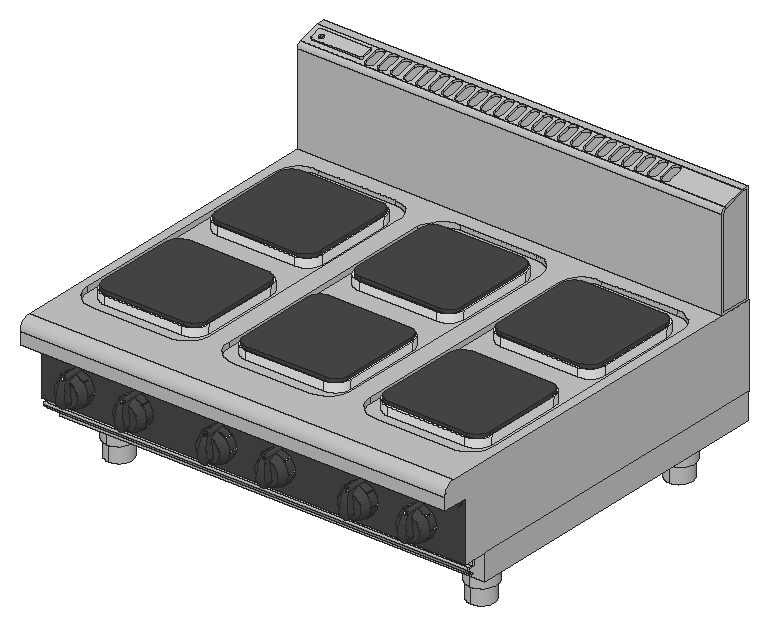
Revit family "QF_Moffat_RNB8600SE-B_Electric_Cooktops_Sealed_Hobs_cat", category Specialty Equipment, Revit 2019
Family settings
  Round Connector Dimension = Use Diameter
  Part Type = Normal
  Work Plane-Based = No
  Always vertical = Yes
  Cut with Voids When Loaded = No
  Shared = No
  Room Calculation Point = No
Parameters (values of type "QF_Moffat_RNB8600SE-B")
  Weight in Kilograms = 90
  Watts = 396 W
  Volts = 220 V
  URL Cutsheet = ""
  Specification by User = ""
  Specification by Manufacturer = ""
  Show Low Back [instance] = no
  Show Logo [instance] = yes
  Show High Back [instance] = not(Show Low Back)  # yes
  Serial Number = ""
  Seismic Rating = ""
  SMACNA No = ""
  Revision Code = ""
  Phase = 1
  Number of Poles = 1
  NAFEM Spec ID Number = ""
  Model = "RNB8600SE-B"
  Min Ckt Ampacity = 0 A
  Max Overcurrent Protection = 0 A
  Masterspec = ""
  Manufacturer = "Moffat"
  Length = 900 mm
  Item Number = ""
  Installed By = ""
  Identify Quantity as Lot = yes
  Height = 530 mm
  HP = ""
  Furnished By = ""
  Foodservice Equipment Identifier = yes
  FL Amps = 1.8 A
  Electrical Remarks = ""
  Electric Connection Type = ""
  Elec Conn RI Height = 0 mm
  Elec Conn Connection Height = 0 mm
  Description = "Electric Cooktops Sealed Hobs"
  Depth = 805 mm
  Cycle = 50 Hz
  Conn Plug = ""
  Conn Conduit = yes
  CSI MasterFormat = ""
  Apparent Power = if(Phase = 3, Volts * FL Amps * 1.73, Volts * FL Amps)  # 396 VA
Reference planes
  plane 1 "BACK": y = 0
  plane 2: z = 0
  plane 3 "LEFT": x = 0
  plane 4 "RIGHT": x = 900
  plane 5 "FRONT": y = -805
  plane 6 "TOP": z = 530
  plane 7 "Center Y": x = 450
  plane 8 "Center X": y = -402.5
Dimensions and locks
  equal spacing: plane 3 "LEFT", plane 7 "Center Y", plane 4 "RIGHT"
  "Length": plane 3 "LEFT" to plane 4 "RIGHT"
  equal spacing: plane 5 "FRONT", plane 8 "Center X", plane 1 "BACK"
  "Depth": plane 5 "FRONT" to plane 1 "BACK"
  "Height": plane 6 "TOP" to level
  aligned and locked: level to plane 2
Nested families
  nested 1: "High and Low Option" at (0, 0, -600), High Back <- "Show High Back", Low Back <- "Show Low Back", Show Logo <- "Show Logo", type "RNLB8610SE"
    with Show Logo 2 yes, Show Logo 1 no, Show Logo yes, Low Back no, High Back yes
  nested 2: "RN8600SE-B" at (0, 0, 0), type "E516S-B"
Connectors
  electrical at (770, -30, 83.4), driven by "Volts", driven by "Watts"
    settings: on nested 2, index 1, voltage 220 V, apparent load 396 VA, apparent load phase1 0 VA, apparent load phase2 0 VA, apparent load phase3 0 VA, power factor 1, load classification "Other", number of poles 1, system type 30, power factor state 1, is connector primary yes, connector utility no, sub classification motor no, connector description "ELECTRICAL CONNECTION"
Definition of nested family "High and Low Option"
  Parameters (values of type "RNLB8610SE")
    Weight in Kilograms = 0
    Watts = Volts * FL Amps  # 12400 W
    Volts = 400 V
    URL Cutsheet = ""
    Specification by User = ""
    Specification by Manufacturer = ""
    Show Logo 2 [instance] = and(Show Logo, High Back)  # yes
    Show Logo 1 [instance] = and(Show Logo, Low Back)  # yes
    Show Logo [instance] = yes
    Serial Number = ""
    Seismic Rating = ""
    SMACNA No = ""
    Revision Code = ""
    Phase = 3
    Number of Poles = 1
    NAFEM Spec ID Number = ""
    Model = ""
    Min Ckt Ampacity = 0 A
    Max Overcurrent Protection = 0 A
    Masterspec = ""
    Manufacturer = ""
    Low Back [instance] = yes
    Length = 900 mm
    Item Number = ""
    Installed By = ""
    Identify Quantity as Lot = yes
    High Back [instance] = yes
    Height = 970 mm
    HP = ""
    Furnished By = ""
    Foodservice Equipment Identifier = yes
    FL Amps = 31 A
    Electrical Remarks = ""
    Electric Connection Type = ""
    Elec Conn RI Height = 0 mm
    Elec Conn Connection Height = 0 mm
    Description = ""
    Depth = 805 mm
    Cycle = 50 Hz
    Conn Plug = ""
    Conn Conduit = yes
    CSI MasterFormat = ""
    Apparent Power = if(Phase = 3, Volts * FL Amps * 1.73, Volts * FL Amps)  # 21452 VA
  Reference planes
    plane 1 "BACK": y = 0
    plane 2: z = 0
    plane 3 "LEFT": x = 0
    plane 4 "RIGHT": x = 900
    plane 5 "FRONT": y = -805
    plane 6 "TOP": z = 970
    plane 7 "Center Y": x = 450
    plane 8 "Center X": y = -402.5
    plane 9: x = 65.5
    plane 10: x = 834.5
    plane 11: z = 150
    plane 12: z = 675
    plane 13: z = 1130
    plane 14: z = 934.75
  Forms (mm)
    Extrusion 1, solid, visible <- "Low Back"
      sketch origin (0, 0, 600) x (0, 1, 0) y (0, 0, 1)
        loop
          line (-70, 315) -> (0, 315) -> (0, 370) -> (-55, 370) -> (-70, 355) -> (-70, 315)
      from 0 to 900
    Extrusion 2, solid, visible <- "High Back"
      sketch origin (0, 0, 0) x (0, 1, 0) y (0, 0, 1)
        loop
          arc (-66.8, 1105.938) -> (-64.972, 1111.307) -> (-60.248, 1114.446) r 8.8
          line (-60.248, 1114.446) -> (-61.106, 1117.646)
          arc (-61.106, 1117.646) -> (-67.52, 1113.36) -> (-70, 1106.055) r 12
          line (-70, 1106.055) -> (-70, 915) -> (0, 915) -> (0, 1130) -> (-15, 1130) -> (-14.143, 1126.8) -> (-3.2, 1126.8) -> (-3.2, 918.2) -> (-66.8, 918.2) -> (-66.8, 1106.055)
      from 0 to 900
    Extrusion 3, solid, visible <- "High Back"
      sketch origin (0, 0, 0) x (0, 1, 0) y (0, 0, 1)
        loop
          line (-3.2, 1126.8) -> (-14.143, 1126.8) -> (-60.278, 1114.438)
          arc (-60.278, 1114.438) -> (-64.982, 1111.295) -> (-66.8, 1105.938) r 8.8
          line (-66.8, 1105.938) -> (-66.8, 918.2) -> (-3.2, 918.2) -> (-3.2, 1126.8)
      from 0 to 3.2
    Extrusion 4, solid, visible <- "High Back"
      sketch origin (900, 0, 0) x (0, 1, 0) y (0, 0, -1)
        loop
          line (-3.2, -1126.8) -> (-3.2, -918.2) -> (-66.8, -918.2) -> (-66.8, -1105.938)
          arc (-66.8, -1105.938) -> (-64.982, -1111.295) -> (-60.278, -1114.438) r 8.8
          line (-60.278, -1114.438) -> (-14.143, -1126.8) -> (-3.2, -1126.8)
      from 0 to 3.2
    Extrusion 5, solid, visible <- "High Back"
      sketch origin (0, -15, 1130) x (0, -0.965926, -0.258819) y (1, 0, 0)
        loop
          line (47.732, 900) -> (0, 900) -> (0, 0) -> (47.732, 0) -> (47.732, 900)
        loop
          arc (11.379, 149.307) -> (1.379, 139.307) -> (11.379, 129.307) r 10
          line (11.379, 129.307) -> (36.495, 129.307)
          arc (36.495, 129.307) -> (46.495, 139.307) -> (36.495, 149.307) r 10
          line (36.495, 149.307) -> (11.379, 149.307)
        loop
          arc (11.379, 176.588) -> (1.379, 166.588) -> (11.379, 156.588) r 10
          line (11.379, 156.588) -> (36.495, 156.588)
          arc (36.495, 156.588) -> (46.495, 166.588) -> (36.495, 176.588) r 10
          line (36.495, 176.588) -> (11.379, 176.588)
        loop
          arc (11.379, 203.868) -> (1.379, 193.868) -> (11.379, 183.868) r 10
          line (11.379, 183.868) -> (36.495, 183.868)
          arc (36.495, 183.868) -> (46.495, 193.868) -> (36.495, 203.868) r 10
          line (36.495, 203.868) -> (11.379, 203.868)
        loop
          arc (11.379, 231.148) -> (1.379, 221.148) -> (11.379, 211.148) r 10
          line (11.379, 211.148) -> (36.495, 211.148)
          arc (36.495, 211.148) -> (46.495, 221.148) -> (36.495, 231.148) r 10
          line (36.495, 231.148) -> (11.379, 231.148)
        loop
          arc (11.379, 258.428) -> (1.379, 248.428) -> (11.379, 238.428) r 10
          line (11.379, 238.428) -> (36.495, 238.428)
          arc (36.495, 238.428) -> (46.495, 248.428) -> (36.495, 258.428) r 10
          line (36.495, 258.428) -> (11.379, 258.428)
        loop
          arc (11.379, 285.709) -> (1.379, 275.709) -> (11.379, 265.709) r 10
          line (11.379, 265.709) -> (36.495, 265.709)
          arc (36.495, 265.709) -> (46.495, 275.709) -> (36.495, 285.709) r 10
          line (36.495, 285.709) -> (11.379, 285.709)
        loop
          arc (11.379, 312.989) -> (1.379, 302.989) -> (11.379, 292.989) r 10
          line (11.379, 292.989) -> (36.495, 292.989)
          arc (36.495, 292.989) -> (46.495, 302.989) -> (36.495, 312.989) r 10
          line (36.495, 312.989) -> (11.379, 312.989)
        loop
          arc (11.379, 340.269) -> (1.379, 330.269) -> (11.379, 320.269) r 10
          line (11.379, 320.269) -> (36.495, 320.269)
          arc (36.495, 320.269) -> (46.495, 330.269) -> (36.495, 340.269) r 10
          line (36.495, 340.269) -> (11.379, 340.269)
        loop
          arc (11.379, 367.549) -> (1.379, 357.549) -> (11.379, 347.549) r 10
          line (11.379, 347.549) -> (36.495, 347.549)
          arc (36.495, 347.549) -> (46.495, 357.549) -> (36.495, 367.549) r 10
          line (36.495, 367.549) -> (11.379, 367.549)
        loop
          arc (11.379, 394.829) -> (1.379, 384.829) -> (11.379, 374.829) r 10
          line (11.379, 374.829) -> (36.495, 374.829)
          arc (36.495, 374.829) -> (46.495, 384.829) -> (36.495, 394.829) r 10
          line (36.495, 394.829) -> (11.379, 394.829)
        loop
          arc (11.379, 422.11) -> (1.379, 412.11) -> (11.379, 402.11) r 10
          line (11.379, 402.11) -> (36.495, 402.11)
          arc (36.495, 402.11) -> (46.495, 412.11) -> (36.495, 422.11) r 10
          line (36.495, 422.11) -> (11.379, 422.11)
        loop
          arc (11.379, 449.39) -> (1.379, 439.39) -> (11.379, 429.39) r 10
          line (11.379, 429.39) -> (36.495, 429.39)
          arc (36.495, 429.39) -> (46.495, 439.39) -> (36.495, 449.39) r 10
          line (36.495, 449.39) -> (11.379, 449.39)
        loop
          arc (11.379, 476.67) -> (1.379, 466.67) -> (11.379, 456.67) r 10
          line (11.379, 456.67) -> (36.495, 456.67)
          arc (36.495, 456.67) -> (46.495, 466.67) -> (36.495, 476.67) r 10
          line (36.495, 476.67) -> (11.379, 476.67)
        loop
          arc (11.379, 503.95) -> (1.379, 493.95) -> (11.379, 483.95) r 10
          line (11.379, 483.95) -> (36.495, 483.95)
          arc (36.495, 483.95) -> (46.495, 493.95) -> (36.495, 503.95) r 10
          line (36.495, 503.95) -> (11.379, 503.95)
        loop
          arc (11.379, 531.23) -> (1.379, 521.23) -> (11.379, 511.23) r 10
          line (11.379, 511.23) -> (36.495, 511.23)
          arc (36.495, 511.23) -> (46.495, 521.23) -> (36.495, 531.23) r 10
          line (36.495, 531.23) -> (11.379, 531.23)
        loop
          arc (11.379, 558.511) -> (1.379, 548.511) -> (11.379, 538.511) r 10
          line (11.379, 538.511) -> (36.495, 538.511)
          arc (36.495, 538.511) -> (46.495, 548.511) -> (36.495, 558.511) r 10
          line (36.495, 558.511) -> (11.379, 558.511)
        loop
          arc (11.379, 585.791) -> (1.379, 575.791) -> (11.379, 565.791) r 10
          line (11.379, 565.791) -> (36.495, 565.791)
          arc (36.495, 565.791) -> (46.495, 575.791) -> (36.495, 585.791) r 10
          line (36.495, 585.791) -> (11.379, 585.791)
        loop
          arc (11.379, 613.071) -> (1.379, 603.071) -> (11.379, 593.071) r 10
          line (11.379, 593.071) -> (36.495, 593.071)
          arc (36.495, 593.071) -> (46.495, 603.071) -> (36.495, 613.071) r 10
          line (36.495, 613.071) -> (11.379, 613.071)
        loop
          arc (11.379, 640.351) -> (1.379, 630.351) -> (11.379, 620.351) r 10
          line (11.379, 620.351) -> (36.495, 620.351)
          arc (36.495, 620.351) -> (46.495, 630.351) -> (36.495, 640.351) r 10
          line (36.495, 640.351) -> (11.379, 640.351)
        loop
          arc (11.379, 667.632) -> (1.379, 657.632) -> (11.379, 647.632) r 10
          line (11.379, 647.632) -> (36.495, 647.632)
          arc (36.495, 647.632) -> (46.495, 657.632) -> (36.495, 667.632) r 10
          line (36.495, 667.632) -> (11.379, 667.632)
        loop
          arc (11.379, 694.912) -> (1.379, 684.912) -> (11.379, 674.912) r 10
          line (11.379, 674.912) -> (36.495, 674.912)
          arc (36.495, 674.912) -> (46.495, 684.912) -> (36.495, 694.912) r 10
          line (36.495, 694.912) -> (11.379, 694.912)
        loop
          arc (11.379, 722.192) -> (1.379, 712.192) -> (11.379, 702.192) r 10
          line (11.379, 702.192) -> (36.495, 702.192)
          arc (36.495, 702.192) -> (46.495, 712.192) -> (36.495, 722.192) r 10
          line (36.495, 722.192) -> (11.379, 722.192)
        loop
          arc (11.379, 749.472) -> (1.379, 739.472) -> (11.379, 729.472) r 10
          line (11.379, 729.472) -> (36.495, 729.472)
          arc (36.495, 729.472) -> (46.495, 739.472) -> (36.495, 749.472) r 10
          line (36.495, 749.472) -> (11.379, 749.472)
        loop
          arc (11.379, 776.752) -> (1.379, 766.752) -> (11.379, 756.752) r 10
          line (11.379, 756.752) -> (36.495, 756.752)
          arc (36.495, 756.752) -> (46.495, 766.752) -> (36.495, 776.752) r 10
          line (36.495, 776.752) -> (11.379, 776.752)
      from 0 to -3.313
    Extrusion 6, solid, visible <- "Low Back", not visible
      sketch origin (0, 0, 600) x (0, 1, 0) y (0, 0, 1)
        loop
          line (-70, 315) -> (0, 315) -> (0, 370) -> (-55, 370) -> (-70, 355) -> (-70, 315)
      from 0 to 900
    Extrusion 7, solid, visible <- "High Back", not visible
      sketch origin (0, 0, 0) x (0, 1, 0) y (0, 0, 1)
        loop
          arc (-66.8, 1105.938) -> (-64.972, 1111.307) -> (-60.248, 1114.446) r 8.8
          line (-60.248, 1114.446) -> (-61.106, 1117.646)
          arc (-61.106, 1117.646) -> (-67.52, 1113.36) -> (-70, 1106.055) r 12
          line (-70, 1106.055) -> (-70, 915) -> (0, 915) -> (0, 1130) -> (-15, 1130) -> (-14.143, 1126.8) -> (-3.2, 1126.8) -> (-3.2, 918.2) -> (-66.8, 918.2) -> (-66.8, 1106.055)
      from 0 to 900
    Extrusion 8, solid, visible <- "High Back", not visible
      sketch origin (0, 0, 0) x (0, 1, 0) y (0, 0, 1)
        loop
          line (-3.2, 1126.8) -> (-14.143, 1126.8) -> (-60.278, 1114.438)
          arc (-60.278, 1114.438) -> (-64.982, 1111.295) -> (-66.8, 1105.938) r 8.8
          line (-66.8, 1105.938) -> (-66.8, 918.2) -> (-3.2, 918.2) -> (-3.2, 1126.8)
      from 0 to 3.2
    Extrusion 9, solid, visible <- "High Back", not visible
      sketch origin (900, 0, 0) x (0, 1, 0) y (0, 0, -1)
        loop
          line (-3.2, -1126.8) -> (-3.2, -918.2) -> (-66.8, -918.2) -> (-66.8, -1105.938)
          arc (-66.8, -1105.938) -> (-64.982, -1111.295) -> (-60.278, -1114.438) r 8.8
          line (-60.278, -1114.438) -> (-14.143, -1126.8) -> (-3.2, -1126.8)
      from 0 to 3.2
    Extrusion 10, solid, visible <- "High Back", not visible
      sketch origin (0, -15, 1130) x (0, -0.965926, -0.258819) y (1, 0, 0)
        loop
          line (47.732, 900) -> (0, 900) -> (0, 0) -> (47.732, 0) -> (47.732, 900)
        loop
          arc (11.379, 149.307) -> (1.379, 139.307) -> (11.379, 129.307) r 10
          line (11.379, 129.307) -> (36.495, 129.307)
          arc (36.495, 129.307) -> (46.495, 139.307) -> (36.495, 149.307) r 10
          line (36.495, 149.307) -> (11.379, 149.307)
        loop
          arc (11.379, 176.588) -> (1.379, 166.588) -> (11.379, 156.588) r 10
          line (11.379, 156.588) -> (36.495, 156.588)
          arc (36.495, 156.588) -> (46.495, 166.588) -> (36.495, 176.588) r 10
          line (36.495, 176.588) -> (11.379, 176.588)
        loop
          arc (11.379, 203.868) -> (1.379, 193.868) -> (11.379, 183.868) r 10
          line (11.379, 183.868) -> (36.495, 183.868)
          arc (36.495, 183.868) -> (46.495, 193.868) -> (36.495, 203.868) r 10
          line (36.495, 203.868) -> (11.379, 203.868)
        loop
          arc (11.379, 231.148) -> (1.379, 221.148) -> (11.379, 211.148) r 10
          line (11.379, 211.148) -> (36.495, 211.148)
          arc (36.495, 211.148) -> (46.495, 221.148) -> (36.495, 231.148) r 10
          line (36.495, 231.148) -> (11.379, 231.148)
        loop
          arc (11.379, 258.428) -> (1.379, 248.428) -> (11.379, 238.428) r 10
          line (11.379, 238.428) -> (36.495, 238.428)
          arc (36.495, 238.428) -> (46.495, 248.428) -> (36.495, 258.428) r 10
          line (36.495, 258.428) -> (11.379, 258.428)
        loop
          arc (11.379, 285.709) -> (1.379, 275.709) -> (11.379, 265.709) r 10
          line (11.379, 265.709) -> (36.495, 265.709)
          arc (36.495, 265.709) -> (46.495, 275.709) -> (36.495, 285.709) r 10
          line (36.495, 285.709) -> (11.379, 285.709)
        loop
          arc (11.379, 312.989) -> (1.379, 302.989) -> (11.379, 292.989) r 10
          line (11.379, 292.989) -> (36.495, 292.989)
          arc (36.495, 292.989) -> (46.495, 302.989) -> (36.495, 312.989) r 10
          line (36.495, 312.989) -> (11.379, 312.989)
        loop
          arc (11.379, 340.269) -> (1.379, 330.269) -> (11.379, 320.269) r 10
          line (11.379, 320.269) -> (36.495, 320.269)
          arc (36.495, 320.269) -> (46.495, 330.269) -> (36.495, 340.269) r 10
          line (36.495, 340.269) -> (11.379, 340.269)
        loop
          arc (11.379, 367.549) -> (1.379, 357.549) -> (11.379, 347.549) r 10
          line (11.379, 347.549) -> (36.495, 347.549)
          arc (36.495, 347.549) -> (46.495, 357.549) -> (36.495, 367.549) r 10
          line (36.495, 367.549) -> (11.379, 367.549)
        loop
          arc (11.379, 394.829) -> (1.379, 384.829) -> (11.379, 374.829) r 10
          line (11.379, 374.829) -> (36.495, 374.829)
          arc (36.495, 374.829) -> (46.495, 384.829) -> (36.495, 394.829) r 10
          line (36.495, 394.829) -> (11.379, 394.829)
        loop
          arc (11.379, 422.11) -> (1.379, 412.11) -> (11.379, 402.11) r 10
          line (11.379, 402.11) -> (36.495, 402.11)
          arc (36.495, 402.11) -> (46.495, 412.11) -> (36.495, 422.11) r 10
          line (36.495, 422.11) -> (11.379, 422.11)
        loop
          arc (11.379, 449.39) -> (1.379, 439.39) -> (11.379, 429.39) r 10
          line (11.379, 429.39) -> (36.495, 429.39)
          arc (36.495, 429.39) -> (46.495, 439.39) -> (36.495, 449.39) r 10
          line (36.495, 449.39) -> (11.379, 449.39)
        loop
          arc (11.379, 476.67) -> (1.379, 466.67) -> (11.379, 456.67) r 10
          line (11.379, 456.67) -> (36.495, 456.67)
          arc (36.495, 456.67) -> (46.495, 466.67) -> (36.495, 476.67) r 10
          line (36.495, 476.67) -> (11.379, 476.67)
        loop
          arc (11.379, 503.95) -> (1.379, 493.95) -> (11.379, 483.95) r 10
          line (11.379, 483.95) -> (36.495, 483.95)
          arc (36.495, 483.95) -> (46.495, 493.95) -> (36.495, 503.95) r 10
          line (36.495, 503.95) -> (11.379, 503.95)
        loop
          arc (11.379, 531.23) -> (1.379, 521.23) -> (11.379, 511.23) r 10
          line (11.379, 511.23) -> (36.495, 511.23)
          arc (36.495, 511.23) -> (46.495, 521.23) -> (36.495, 531.23) r 10
          line (36.495, 531.23) -> (11.379, 531.23)
        loop
          arc (11.379, 558.511) -> (1.379, 548.511) -> (11.379, 538.511) r 10
          line (11.379, 538.511) -> (36.495, 538.511)
          arc (36.495, 538.511) -> (46.495, 548.511) -> (36.495, 558.511) r 10
          line (36.495, 558.511) -> (11.379, 558.511)
        loop
          arc (11.379, 585.791) -> (1.379, 575.791) -> (11.379, 565.791) r 10
          line (11.379, 565.791) -> (36.495, 565.791)
          arc (36.495, 565.791) -> (46.495, 575.791) -> (36.495, 585.791) r 10
          line (36.495, 585.791) -> (11.379, 585.791)
        loop
          arc (11.379, 613.071) -> (1.379, 603.071) -> (11.379, 593.071) r 10
          line (11.379, 593.071) -> (36.495, 593.071)
          arc (36.495, 593.071) -> (46.495, 603.071) -> (36.495, 613.071) r 10
          line (36.495, 613.071) -> (11.379, 613.071)
        loop
          arc (11.379, 640.351) -> (1.379, 630.351) -> (11.379, 620.351) r 10
          line (11.379, 620.351) -> (36.495, 620.351)
          arc (36.495, 620.351) -> (46.495, 630.351) -> (36.495, 640.351) r 10
          line (36.495, 640.351) -> (11.379, 640.351)
        loop
          arc (11.379, 667.632) -> (1.379, 657.632) -> (11.379, 647.632) r 10
          line (11.379, 647.632) -> (36.495, 647.632)
          arc (36.495, 647.632) -> (46.495, 657.632) -> (36.495, 667.632) r 10
          line (36.495, 667.632) -> (11.379, 667.632)
        loop
          arc (11.379, 694.912) -> (1.379, 684.912) -> (11.379, 674.912) r 10
          line (11.379, 674.912) -> (36.495, 674.912)
          arc (36.495, 674.912) -> (46.495, 684.912) -> (36.495, 694.912) r 10
          line (36.495, 694.912) -> (11.379, 694.912)
        loop
          arc (11.379, 722.192) -> (1.379, 712.192) -> (11.379, 702.192) r 10
          line (11.379, 702.192) -> (36.495, 702.192)
          arc (36.495, 702.192) -> (46.495, 712.192) -> (36.495, 722.192) r 10
          line (36.495, 722.192) -> (11.379, 722.192)
        loop
          arc (11.379, 749.472) -> (1.379, 739.472) -> (11.379, 729.472) r 10
          line (11.379, 729.472) -> (36.495, 729.472)
          arc (36.495, 729.472) -> (46.495, 739.472) -> (36.495, 749.472) r 10
          line (36.495, 749.472) -> (11.379, 749.472)
        loop
          arc (11.379, 776.752) -> (1.379, 766.752) -> (11.379, 756.752) r 10
          line (11.379, 756.752) -> (36.495, 756.752)
          arc (36.495, 756.752) -> (46.495, 766.752) -> (36.495, 776.752) r 10
          line (36.495, 776.752) -> (11.379, 776.752)
      from 0 to -3.313
  Lines and regions (mm)
    symbolic lines
      curve 1: line (0, -71.587, 946.25) -> (0, -71.587, 923.25)
      curve 2: line (0, 0, 0) -> (900, 0, 0)
      curve 3: line (0, -70, 0) -> (0, 0, 0)
      curve 4: line (900, -70, 0) -> (0, -70, 0)
      curve 5: line (900, 0, 0) -> (900, -70, 0)
      curve 202: line (0, 0, 0) -> (900, 0, 0)
      curve 203: line (0, -70, 0) -> (0, 0, 0)
      curve 204: line (900, -70, 0) -> (0, -70, 0)
      curve 205: line (900, 0, 0) -> (900, -70, 0)
    symbolic lines, visible <- "High Back"
      curve 6: line (129.307, -50.251, 0) -> (129.307, -25.991, 0)
      curve 7: spline (129.307, -25.991, 0) -> (129.648, -23.491, 0) -> (130.647, -21.162, 0) -> (132.236, -19.161, 0) -> (134.307, -17.626, 0) -> (136.719, -16.661, 0) -> (139.307, -16.332, 0) -> (141.896, -16.661, 0) -> (144.307, -17.626, 0) -> (146.379, -19.161, 0) -> (147.968, -21.162, 0) -> (148.967, -23.491, 0) -> (149.307, -25.991, 0)
      curve 8: line (149.307, -25.991, 0) -> (149.307, -50.251, 0)
      curve 9: spline (149.307, -50.251, 0) -> (148.967, -52.751, 0) -> (147.968, -55.081, 0) -> (146.379, -57.081, 0) -> (144.307, -58.616, 0) -> (141.896, -59.581, 0) -> (139.307, -59.91, 0) -> (136.719, -59.581, 0) -> (134.307, -58.616, 0) -> (132.236, -57.081, 0) -> (130.647, -55.081, 0) -> (129.648, -52.751, 0) -> (129.307, -50.251, 0)
      curve 10: line (156.588, -50.251, 0) -> (156.588, -25.991, 0)
      curve 11: spline (156.588, -25.991, 0) -> (156.928, -23.491, 0) -> (157.927, -21.162, 0) -> (159.517, -19.161, 0) -> (161.588, -17.626, 0) -> (164, -16.661, 0) -> (166.588, -16.332, 0) -> (169.176, -16.661, 0) -> (171.588, -17.626, 0) -> (173.659, -19.161, 0) -> (175.248, -21.162, 0) -> (176.247, -23.491, 0) -> (176.588, -25.991, 0)
      curve 12: line (176.588, -25.991, 0) -> (176.588, -50.251, 0)
      curve 13: spline (176.588, -50.251, 0) -> (176.247, -52.751, 0) -> (175.248, -55.081, 0) -> (173.659, -57.081, 0) -> (171.588, -58.616, 0) -> (169.176, -59.581, 0) -> (166.588, -59.91, 0) -> (164, -59.581, 0) -> (161.588, -58.616, 0) -> (159.517, -57.081, 0) -> (157.927, -55.081, 0) -> (156.928, -52.751, 0) -> (156.588, -50.251, 0)
      curve 14: line (183.868, -50.251, 0) -> (183.868, -25.991, 0)
      curve 15: spline (183.868, -25.991, 0) -> (184.209, -23.491, 0) -> (185.208, -21.162, 0) -> (186.797, -19.161, 0) -> (188.868, -17.626, 0) -> (191.28, -16.661, 0) -> (193.868, -16.332, 0) -> (196.456, -16.661, 0) -> (198.868, -17.626, 0) -> (200.939, -19.161, 0) -> (202.528, -21.162, 0) -> (203.527, -23.491, 0) -> (203.868, -25.991, 0)
      curve 16: line (203.868, -25.991, 0) -> (203.868, -50.251, 0)
      curve 17: spline (203.868, -50.251, 0) -> (203.527, -52.751, 0) -> (202.528, -55.081, 0) -> (200.939, -57.081, 0) -> (198.868, -58.616, 0) -> (196.456, -59.581, 0) -> (193.868, -59.91, 0) -> (191.28, -59.581, 0) -> (188.868, -58.616, 0) -> (186.797, -57.081, 0) -> (185.208, -55.081, 0) -> (184.209, -52.751, 0) -> (183.868, -50.251, 0)
      curve 18: line (211.148, -50.251, 0) -> (211.148, -25.991, 0)
      curve 19: spline (211.148, -25.991, 0) -> (211.489, -23.491, 0) -> (212.488, -21.162, 0) -> (214.077, -19.161, 0) -> (216.148, -17.626, 0) -> (218.56, -16.661, 0) -> (221.148, -16.332, 0) -> (223.736, -16.661, 0) -> (226.148, -17.626, 0) -> (228.219, -19.161, 0) -> (229.808, -21.162, 0) -> (230.807, -23.491, 0) -> (231.148, -25.991, 0)
      curve 20: line (231.148, -25.991, 0) -> (231.148, -50.251, 0)
      curve 21: spline (231.148, -50.251, 0) -> (230.807, -52.751, 0) -> (229.808, -55.081, 0) -> (228.219, -57.081, 0) -> (226.148, -58.616, 0) -> (223.736, -59.581, 0) -> (221.148, -59.91, 0) -> (218.56, -59.581, 0) -> (216.148, -58.616, 0) -> (214.077, -57.081, 0) -> (212.488, -55.081, 0) -> (211.489, -52.751, 0) -> (211.148, -50.251, 0)
      curve 22: line (238.428, -50.251, 0) -> (238.428, -25.991, 0)
      curve 23: spline (238.428, -25.991, 0) -> (238.769, -23.491, 0) -> (239.768, -21.162, 0) -> (241.357, -19.161, 0) -> (243.428, -17.626, 0) -> (245.84, -16.661, 0) -> (248.428, -16.332, 0) -> (251.017, -16.661, 0) -> (253.428, -17.626, 0) -> (255.499, -19.161, 0) -> (257.089, -21.162, 0) -> (258.088, -23.491, 0) -> (258.428, -25.991, 0)
      curve 24: line (258.428, -25.991, 0) -> (258.428, -50.251, 0)
      curve 25: spline (258.428, -50.251, 0) -> (258.088, -52.751, 0) -> (257.089, -55.081, 0) -> (255.499, -57.081, 0) -> (253.428, -58.616, 0) -> (251.017, -59.581, 0) -> (248.428, -59.91, 0) -> (245.84, -59.581, 0) -> (243.428, -58.616, 0) -> (241.357, -57.081, 0) -> (239.768, -55.081, 0) -> (238.769, -52.751, 0) -> (238.428, -50.251, 0)
      curve 26: line (265.709, -50.251, 0) -> (265.709, -25.991, 0)
      curve 27: spline (265.709, -25.991, 0) -> (266.049, -23.491, 0) -> (267.048, -21.162, 0) -> (268.637, -19.161, 0) -> (270.709, -17.626, 0) -> (273.12, -16.661, 0) -> (275.709, -16.332, 0) -> (278.297, -16.661, 0) -> (280.709, -17.626, 0) -> (282.78, -19.161, 0) -> (284.369, -21.162, 0) -> (285.368, -23.491, 0) -> (285.709, -25.991, 0)
      curve 28: line (285.709, -25.991, 0) -> (285.709, -50.251, 0)
      curve 29: spline (285.709, -50.251, 0) -> (285.368, -52.751, 0) -> (284.369, -55.081, 0) -> (282.78, -57.081, 0) -> (280.709, -58.616, 0) -> (278.297, -59.581, 0) -> (275.709, -59.91, 0) -> (273.12, -59.581, 0) -> (270.709, -58.616, 0) -> (268.637, -57.081, 0) -> (267.048, -55.081, 0) -> (266.049, -52.751, 0) -> (265.709, -50.251, 0)
      curve 30: line (292.989, -50.251, 0) -> (292.989, -25.991, 0)
      curve 31: spline (292.989, -25.991, 0) -> (293.329, -23.491, 0) -> (294.329, -21.162, 0) -> (295.918, -19.161, 0) -> (297.989, -17.626, 0) -> (300.401, -16.661, 0) -> (302.989, -16.332, 0) -> (305.577, -16.661, 0) -> (307.989, -17.626, 0) -> (310.06, -19.161, 0) -> (311.649, -21.162, 0) -> (312.648, -23.491, 0) -> (312.989, -25.991, 0)
      curve 32: line (312.989, -25.991, 0) -> (312.989, -50.251, 0)
      curve 33: spline (312.989, -50.251, 0) -> (312.648, -52.751, 0) -> (311.649, -55.081, 0) -> (310.06, -57.081, 0) -> (307.989, -58.616, 0) -> (305.577, -59.581, 0) -> (302.989, -59.91, 0) -> (300.401, -59.581, 0) -> (297.989, -58.616, 0) -> (295.918, -57.081, 0) -> (294.329, -55.081, 0) -> (293.329, -52.751, 0) -> (292.989, -50.251, 0)
      curve 34: line (320.269, -50.251, 0) -> (320.269, -25.991, 0)
      curve 35: spline (320.269, -25.991, 0) -> (320.61, -23.491, 0) -> (321.609, -21.162, 0) -> (323.198, -19.161, 0) -> (325.269, -17.626, 0) -> (327.681, -16.661, 0) -> (330.269, -16.332, 0) -> (332.857, -16.661, 0) -> (335.269, -17.626, 0) -> (337.34, -19.161, 0) -> (338.929, -21.162, 0) -> (339.928, -23.491, 0) -> (340.269, -25.991, 0)
      curve 36: line (340.269, -25.991, 0) -> (340.269, -50.251, 0)
      curve 37: spline (340.269, -50.251, 0) -> (339.928, -52.751, 0) -> (338.929, -55.081, 0) -> (337.34, -57.081, 0) -> (335.269, -58.616, 0) -> (332.857, -59.581, 0) -> (330.269, -59.91, 0) -> (327.681, -59.581, 0) -> (325.269, -58.616, 0) -> (323.198, -57.081, 0) -> (321.609, -55.081, 0) -> (320.61, -52.751, 0) -> (320.269, -50.251, 0)
      curve 38: line (347.549, -50.251, 0) -> (347.549, -25.991, 0)
      curve 39: spline (347.549, -25.991, 0) -> (347.89, -23.491, 0) -> (348.889, -21.162, 0) -> (350.478, -19.161, 0) -> (352.549, -17.626, 0) -> (354.961, -16.661, 0) -> (357.549, -16.332, 0) -> (360.137, -16.661, 0) -> (362.549, -17.626, 0) -> (364.62, -19.161, 0) -> (366.209, -21.162, 0) -> (367.208, -23.491, 0) -> (367.549, -25.991, 0)
      curve 40: line (367.549, -25.991, 0) -> (367.549, -50.251, 0)
      curve 41: spline (367.549, -50.251, 0) -> (367.208, -52.751, 0) -> (366.209, -55.081, 0) -> (364.62, -57.081, 0) -> (362.549, -58.616, 0) -> (360.137, -59.581, 0) -> (357.549, -59.91, 0) -> (354.961, -59.581, 0) -> (352.549, -58.616, 0) -> (350.478, -57.081, 0) -> (348.889, -55.081, 0) -> (347.89, -52.751, 0) -> (347.549, -50.251, 0)
      curve 42: line (374.829, -50.251, 0) -> (374.829, -25.991, 0)
      curve 43: spline (374.829, -25.991, 0) -> (375.17, -23.491, 0) -> (376.169, -21.162, 0) -> (377.758, -19.161, 0) -> (379.829, -17.626, 0) -> (382.241, -16.661, 0) -> (384.829, -16.332, 0) -> (387.418, -16.661, 0) -> (389.829, -17.626, 0) -> (391.9, -19.161, 0) -> (393.49, -21.162, 0) -> (394.489, -23.491, 0) -> (394.829, -25.991, 0)
      curve 44: line (394.829, -25.991, 0) -> (394.829, -50.251, 0)
      curve 45: spline (394.829, -50.251, 0) -> (394.489, -52.751, 0) -> (393.49, -55.081, 0) -> (391.9, -57.081, 0) -> (389.829, -58.616, 0) -> (387.418, -59.581, 0) -> (384.829, -59.91, 0) -> (382.241, -59.581, 0) -> (379.829, -58.616, 0) -> (377.758, -57.081, 0) -> (376.169, -55.081, 0) -> (375.17, -52.751, 0) -> (374.829, -50.251, 0)
      curve 46: line (402.11, -50.251, 0) -> (402.11, -25.991, 0)
      curve 47: spline (402.11, -25.991, 0) -> (402.45, -23.491, 0) -> (403.449, -21.162, 0) -> (405.039, -19.161, 0) -> (407.11, -17.626, 0) -> (409.521, -16.661, 0) -> (412.11, -16.332, 0) -> (414.698, -16.661, 0) -> (417.11, -17.626, 0) -> (419.181, -19.161, 0) -> (420.77, -21.162, 0) -> (421.769, -23.491, 0) -> (422.11, -25.991, 0)
      curve 48: line (422.11, -25.991, 0) -> (422.11, -50.251, 0)
      curve 49: spline (422.11, -50.251, 0) -> (421.769, -52.751, 0) -> (420.77, -55.081, 0) -> (419.181, -57.081, 0) -> (417.11, -58.616, 0) -> (414.698, -59.581, 0) -> (412.11, -59.91, 0) -> (409.521, -59.581, 0) -> (407.11, -58.616, 0) -> (405.039, -57.081, 0) -> (403.449, -55.081, 0) -> (402.45, -52.751, 0) -> (402.11, -50.251, 0)
      curve 50: line (429.39, -50.251, 0) -> (429.39, -25.991, 0)
      curve 51: spline (429.39, -25.991, 0) -> (429.731, -23.491, 0) -> (430.73, -21.162, 0) -> (432.319, -19.161, 0) -> (434.39, -17.626, 0) -> (436.802, -16.661, 0) -> (439.39, -16.332, 0) -> (441.978, -16.661, 0) -> (444.39, -17.626, 0) -> (446.461, -19.161, 0) -> (448.05, -21.162, 0) -> (449.049, -23.491, 0) -> (449.39, -25.991, 0)
      curve 52: line (449.39, -25.991, 0) -> (449.39, -50.251, 0)
      curve 53: spline (449.39, -50.251, 0) -> (449.049, -52.751, 0) -> (448.05, -55.081, 0) -> (446.461, -57.081, 0) -> (444.39, -58.616, 0) -> (441.978, -59.581, 0) -> (439.39, -59.91, 0) -> (436.802, -59.581, 0) -> (434.39, -58.616, 0) -> (432.319, -57.081, 0) -> (430.73, -55.081, 0) -> (429.731, -52.751, 0) -> (429.39, -50.251, 0)
      curve 54: line (456.67, -50.251, 0) -> (456.67, -25.991, 0)
      curve 55: spline (456.67, -25.991, 0) -> (457.011, -23.491, 0) -> (458.01, -21.162, 0) -> (459.599, -19.161, 0) -> (461.67, -17.626, 0) -> (464.082, -16.661, 0) -> (466.67, -16.332, 0) -> (469.258, -16.661, 0) -> (471.67, -17.626, 0) -> (473.741, -19.161, 0) -> (475.33, -21.162, 0) -> (476.329, -23.491, 0) -> (476.67, -25.991, 0)
      curve 56: line (476.67, -25.991, 0) -> (476.67, -50.251, 0)
      curve 57: spline (476.67, -50.251, 0) -> (476.329, -52.751, 0) -> (475.33, -55.081, 0) -> (473.741, -57.081, 0) -> (471.67, -58.616, 0) -> (469.258, -59.581, 0) -> (466.67, -59.91, 0) -> (464.082, -59.581, 0) -> (461.67, -58.616, 0) -> (459.599, -57.081, 0) -> (458.01, -55.081, 0) -> (457.011, -52.751, 0) -> (456.67, -50.251, 0)
      curve 58: line (483.95, -50.251, 0) -> (483.95, -25.991, 0)
      curve 59: spline (483.95, -25.991, 0) -> (484.291, -23.491, 0) -> (485.29, -21.162, 0) -> (486.879, -19.161, 0) -> (488.95, -17.626, 0) -> (491.362, -16.661, 0) -> (493.95, -16.332, 0) -> (496.538, -16.661, 0) -> (498.95, -17.626, 0) -> (501.021, -19.161, 0) -> (502.61, -21.162, 0) -> (503.609, -23.491, 0) -> (503.95, -25.991, 0)
      curve 60: line (503.95, -25.991, 0) -> (503.95, -50.251, 0)
      curve 61: spline (503.95, -50.251, 0) -> (503.609, -52.751, 0) -> (502.61, -55.081, 0) -> (501.021, -57.081, 0) -> (498.95, -58.616, 0) -> (496.538, -59.581, 0) -> (493.95, -59.91, 0) -> (491.362, -59.581, 0) -> (488.95, -58.616, 0) -> (486.879, -57.081, 0) -> (485.29, -55.081, 0) -> (484.291, -52.751, 0) -> (483.95, -50.251, 0)
      curve 62: line (511.23, -50.251, 0) -> (511.23, -25.991, 0)
      curve 63: spline (511.23, -25.991, 0) -> (511.571, -23.491, 0) -> (512.57, -21.162, 0) -> (514.159, -19.161, 0) -> (516.23, -17.626, 0) -> (518.642, -16.661, 0) -> (521.23, -16.332, 0) -> (523.819, -16.661, 0) -> (526.23, -17.626, 0) -> (528.302, -19.161, 0) -> (529.891, -21.162, 0) -> (530.89, -23.491, 0) -> (531.23, -25.991, 0)
      curve 64: line (531.23, -25.991, 0) -> (531.23, -50.251, 0)
      curve 65: spline (531.23, -50.251, 0) -> (530.89, -52.751, 0) -> (529.891, -55.081, 0) -> (528.302, -57.081, 0) -> (526.23, -58.616, 0) -> (523.819, -59.581, 0) -> (521.23, -59.91, 0) -> (518.642, -59.581, 0) -> (516.23, -58.616, 0) -> (514.159, -57.081, 0) -> (512.57, -55.081, 0) -> (511.571, -52.751, 0) -> (511.23, -50.251, 0)
      curve 66: line (538.511, -50.251, 0) -> (538.511, -25.991, 0)
      curve 67: spline (538.511, -25.991, 0) -> (538.851, -23.491, 0) -> (539.85, -21.162, 0) -> (541.44, -19.161, 0) -> (543.511, -17.626, 0) -> (545.922, -16.661, 0) -> (548.511, -16.332, 0) -> (551.099, -16.661, 0) -> (553.511, -17.626, 0) -> (555.582, -19.161, 0) -> (557.171, -21.162, 0) -> (558.17, -23.491, 0) -> (558.511, -25.991, 0)
      curve 68: line (558.511, -25.991, 0) -> (558.511, -50.251, 0)
      curve 69: spline (558.511, -50.251, 0) -> (558.17, -52.751, 0) -> (557.171, -55.081, 0) -> (555.582, -57.081, 0) -> (553.511, -58.616, 0) -> (551.099, -59.581, 0) -> (548.511, -59.91, 0) -> (545.922, -59.581, 0) -> (543.511, -58.616, 0) -> (541.44, -57.081, 0) -> (539.85, -55.081, 0) -> (538.851, -52.751, 0) -> (538.511, -50.251, 0)
      curve 70: line (565.791, -50.251, 0) -> (565.791, -25.991, 0)
      curve 71: spline (565.791, -25.991, 0) -> (566.132, -23.491, 0) -> (567.131, -21.162, 0) -> (568.72, -19.161, 0) -> (570.791, -17.626, 0) -> (573.203, -16.661, 0) -> (575.791, -16.332, 0) -> (578.379, -16.661, 0) -> (580.791, -17.626, 0) -> (582.862, -19.161, 0) -> (584.451, -21.162, 0) -> (585.45, -23.491, 0) -> (585.791, -25.991, 0)
      curve 72: line (585.791, -25.991, 0) -> (585.791, -50.251, 0)
      curve 73: spline (585.791, -50.251, 0) -> (585.45, -52.751, 0) -> (584.451, -55.081, 0) -> (582.862, -57.081, 0) -> (580.791, -58.616, 0) -> (578.379, -59.581, 0) -> (575.791, -59.91, 0) -> (573.203, -59.581, 0) -> (570.791, -58.616, 0) -> (568.72, -57.081, 0) -> (567.131, -55.081, 0) -> (566.132, -52.751, 0) -> (565.791, -50.251, 0)
      curve 74: line (593.071, -50.251, 0) -> (593.071, -25.991, 0)
      curve 75: spline (593.071, -25.991, 0) -> (593.412, -23.491, 0) -> (594.411, -21.162, 0) -> (596, -19.161, 0) -> (598.071, -17.626, 0) -> (600.483, -16.661, 0) -> (603.071, -16.332, 0) -> (605.659, -16.661, 0) -> (608.071, -17.626, 0) -> (610.142, -19.161, 0) -> (611.731, -21.162, 0) -> (612.73, -23.491, 0) -> (613.071, -25.991, 0)
      curve 76: line (613.071, -25.991, 0) -> (613.071, -50.251, 0)
      curve 77: spline (613.071, -50.251, 0) -> (612.73, -52.751, 0) -> (611.731, -55.081, 0) -> (610.142, -57.081, 0) -> (608.071, -58.616, 0) -> (605.659, -59.581, 0) -> (603.071, -59.91, 0) -> (600.483, -59.581, 0) -> (598.071, -58.616, 0) -> (596, -57.081, 0) -> (594.411, -55.081, 0) -> (593.412, -52.751, 0) -> (593.071, -50.251, 0)
      curve 78: line (620.351, -50.251, 0) -> (620.351, -25.991, 0)
      curve 79: spline (620.351, -25.991, 0) -> (620.692, -23.491, 0) -> (621.691, -21.162, 0) -> (623.28, -19.161, 0) -> (625.351, -17.626, 0) -> (627.763, -16.661, 0) -> (630.351, -16.332, 0) -> (632.939, -16.661, 0) -> (635.351, -17.626, 0) -> (637.422, -19.161, 0) -> (639.012, -21.162, 0) -> (640.011, -23.491, 0) -> (640.351, -25.991, 0)
      curve 80: line (640.351, -25.991, 0) -> (640.351, -50.251, 0)
      curve 81: spline (640.351, -50.251, 0) -> (640.011, -52.751, 0) -> (639.012, -55.081, 0) -> (637.422, -57.081, 0) -> (635.351, -58.616, 0) -> (632.939, -59.581, 0) -> (630.351, -59.91, 0) -> (627.763, -59.581, 0) -> (625.351, -58.616, 0) -> (623.28, -57.081, 0) -> (621.691, -55.081, 0) -> (620.692, -52.751, 0) -> (620.351, -50.251, 0)
      curve 82: line (647.632, -50.251, 0) -> (647.632, -25.991, 0)
      curve 83: spline (647.632, -25.991, 0) -> (647.972, -23.491, 0) -> (648.971, -21.162, 0) -> (650.56, -19.161, 0) -> (652.632, -17.626, 0) -> (655.043, -16.661, 0) -> (657.632, -16.332, 0) -> (660.22, -16.661, 0) -> (662.632, -17.626, 0) -> (664.703, -19.161, 0) -> (666.292, -21.162, 0) -> (667.291, -23.491, 0) -> (667.632, -25.991, 0)
      curve 84: line (667.632, -25.991, 0) -> (667.632, -50.251, 0)
      curve 85: spline (667.632, -50.251, 0) -> (667.291, -52.751, 0) -> (666.292, -55.081, 0) -> (664.703, -57.081, 0) -> (662.632, -58.616, 0) -> (660.22, -59.581, 0) -> (657.632, -59.91, 0) -> (655.043, -59.581, 0) -> (652.632, -58.616, 0) -> (650.56, -57.081, 0) -> (648.971, -55.081, 0) -> (647.972, -52.751, 0) -> (647.632, -50.251, 0)
      curve 86: line (674.912, -50.251, 0) -> (674.912, -25.991, 0)
      curve 87: spline (674.912, -25.991, 0) -> (675.252, -23.491, 0) -> (676.251, -21.162, 0) -> (677.841, -19.161, 0) -> (679.912, -17.626, 0) -> (682.324, -16.661, 0) -> (684.912, -16.332, 0) -> (687.5, -16.661, 0) -> (689.912, -17.626, 0) -> (691.983, -19.161, 0) -> (693.572, -21.162, 0) -> (694.571, -23.491, 0) -> (694.912, -25.991, 0)
      curve 88: line (694.912, -25.991, 0) -> (694.912, -50.251, 0)
      curve 89: spline (694.912, -50.251, 0) -> (694.571, -52.751, 0) -> (693.572, -55.081, 0) -> (691.983, -57.081, 0) -> (689.912, -58.616, 0) -> (687.5, -59.581, 0) -> (684.912, -59.91, 0) -> (682.324, -59.581, 0) -> (679.912, -58.616, 0) -> (677.841, -57.081, 0) -> (676.251, -55.081, 0) -> (675.252, -52.751, 0) -> (674.912, -50.251, 0)
      curve 90: line (702.192, -50.251, 0) -> (702.192, -25.991, 0)
      curve 91: spline (702.192, -25.991, 0) -> (702.533, -23.491, 0) -> (703.532, -21.162, 0) -> (705.121, -19.161, 0) -> (707.192, -17.626, 0) -> (709.604, -16.661, 0) -> (712.192, -16.332, 0) -> (714.78, -16.661, 0) -> (717.192, -17.626, 0) -> (719.263, -19.161, 0) -> (720.852, -21.162, 0) -> (721.851, -23.491, 0) -> (722.192, -25.991, 0)
      curve 92: line (722.192, -25.991, 0) -> (722.192, -50.251, 0)
      curve 93: spline (722.192, -50.251, 0) -> (721.851, -52.751, 0) -> (720.852, -55.081, 0) -> (719.263, -57.081, 0) -> (717.192, -58.616, 0) -> (714.78, -59.581, 0) -> (712.192, -59.91, 0) -> (709.604, -59.581, 0) -> (707.192, -58.616, 0) -> (705.121, -57.081, 0) -> (703.532, -55.081, 0) -> (702.533, -52.751, 0) -> (702.192, -50.251, 0)
      curve 94: line (729.472, -50.251, 0) -> (729.472, -25.991, 0)
      curve 95: spline (729.472, -25.991, 0) -> (729.813, -23.491, 0) -> (730.812, -21.162, 0) -> (732.401, -19.161, 0) -> (734.472, -17.626, 0) -> (736.884, -16.661, 0) -> (739.472, -16.332, 0) -> (742.06, -16.661, 0) -> (744.472, -17.626, 0) -> (746.543, -19.161, 0) -> (748.132, -21.162, 0) -> (749.131, -23.491, 0) -> (749.472, -25.991, 0)
      curve 96: line (749.472, -25.991, 0) -> (749.472, -50.251, 0)
      curve 97: spline (749.472, -50.251, 0) -> (749.131, -52.751, 0) -> (748.132, -55.081, 0) -> (746.543, -57.081, 0) -> (744.472, -58.616, 0) -> (742.06, -59.581, 0) -> (739.472, -59.91, 0) -> (736.884, -59.581, 0) -> (734.472, -58.616, 0) -> (732.401, -57.081, 0) -> (730.812, -55.081, 0) -> (729.813, -52.751, 0) -> (729.472, -50.251, 0)
      curve 98: line (756.752, -50.251, 0) -> (756.752, -25.991, 0)
      curve 99: spline (756.752, -25.991, 0) -> (757.093, -23.491, 0) -> (758.092, -21.162, 0) -> (759.681, -19.161, 0) -> (761.752, -17.626, 0) -> (764.164, -16.661, 0) -> (766.752, -16.332, 0) -> (769.341, -16.661, 0) -> (771.752, -17.626, 0) -> (773.823, -19.161, 0) -> (775.413, -21.162, 0) -> (776.412, -23.491, 0) -> (776.752, -25.991, 0)
      curve 100: line (776.752, -25.991, 0) -> (776.752, -50.251, 0)
      curve 101: spline (776.752, -50.251, 0) -> (776.412, -52.751, 0) -> (775.413, -55.081, 0) -> (773.823, -57.081, 0) -> (771.752, -58.616, 0) -> (769.341, -59.581, 0) -> (766.752, -59.91, 0) -> (764.164, -59.581, 0) -> (761.752, -58.616, 0) -> (759.681, -57.081, 0) -> (758.092, -55.081, 0) -> (757.093, -52.751, 0) -> (756.752, -50.251, 0)
    symbolic lines, not visible
      curve 102: line (0, 0, 0) -> (900, 0, 0)
      curve 103: line (0, -70, 0) -> (0, 0, 0)
      curve 104: line (900, -70, 0) -> (0, -70, 0)
      curve 105: line (900, 0, 0) -> (900, -70, 0)
      curve 206: line (0, 0, 0) -> (900, 0, 0)
      curve 207: line (0, -70, 0) -> (0, 0, 0)
      curve 208: line (900, -70, 0) -> (0, -70, 0)
      curve 209: line (900, 0, 0) -> (900, -70, 0)
    symbolic lines, visible <- "High Back", not visible
      curve 106: line (129.307, -50.251, 0) -> (129.307, -25.991, 0)
      curve 107: spline (129.307, -25.991, 0) -> (129.648, -23.491, 0) -> (130.647, -21.162, 0) -> (132.236, -19.161, 0) -> (134.307, -17.626, 0) -> (136.719, -16.661, 0) -> (139.307, -16.332, 0) -> (141.896, -16.661, 0) -> (144.307, -17.626, 0) -> (146.379, -19.161, 0) -> (147.968, -21.162, 0) -> (148.967, -23.491, 0) -> (149.307, -25.991, 0)
      curve 108: line (149.307, -25.991, 0) -> (149.307, -50.251, 0)
      curve 109: spline (149.307, -50.251, 0) -> (148.967, -52.751, 0) -> (147.968, -55.081, 0) -> (146.379, -57.081, 0) -> (144.307, -58.616, 0) -> (141.896, -59.581, 0) -> (139.307, -59.91, 0) -> (136.719, -59.581, 0) -> (134.307, -58.616, 0) -> (132.236, -57.081, 0) -> (130.647, -55.081, 0) -> (129.648, -52.751, 0) -> (129.307, -50.251, 0)
      curve 110: line (156.588, -50.251, 0) -> (156.588, -25.991, 0)
      curve 111: spline (156.588, -25.991, 0) -> (156.928, -23.491, 0) -> (157.927, -21.162, 0) -> (159.517, -19.161, 0) -> (161.588, -17.626, 0) -> (164, -16.661, 0) -> (166.588, -16.332, 0) -> (169.176, -16.661, 0) -> (171.588, -17.626, 0) -> (173.659, -19.161, 0) -> (175.248, -21.162, 0) -> (176.247, -23.491, 0) -> (176.588, -25.991, 0)
      curve 112: line (176.588, -25.991, 0) -> (176.588, -50.251, 0)
      curve 113: spline (176.588, -50.251, 0) -> (176.247, -52.751, 0) -> (175.248, -55.081, 0) -> (173.659, -57.081, 0) -> (171.588, -58.616, 0) -> (169.176, -59.581, 0) -> (166.588, -59.91, 0) -> (164, -59.581, 0) -> (161.588, -58.616, 0) -> (159.517, -57.081, 0) -> (157.927, -55.081, 0) -> (156.928, -52.751, 0) -> (156.588, -50.251, 0)
      curve 114: line (183.868, -50.251, 0) -> (183.868, -25.991, 0)
      curve 115: spline (183.868, -25.991, 0) -> (184.209, -23.491, 0) -> (185.208, -21.162, 0) -> (186.797, -19.161, 0) -> (188.868, -17.626, 0) -> (191.28, -16.661, 0) -> (193.868, -16.332, 0) -> (196.456, -16.661, 0) -> (198.868, -17.626, 0) -> (200.939, -19.161, 0) -> (202.528, -21.162, 0) -> (203.527, -23.491, 0) -> (203.868, -25.991, 0)
      curve 116: line (203.868, -25.991, 0) -> (203.868, -50.251, 0)
      curve 117: spline (203.868, -50.251, 0) -> (203.527, -52.751, 0) -> (202.528, -55.081, 0) -> (200.939, -57.081, 0) -> (198.868, -58.616, 0) -> (196.456, -59.581, 0) -> (193.868, -59.91, 0) -> (191.28, -59.581, 0) -> (188.868, -58.616, 0) -> (186.797, -57.081, 0) -> (185.208, -55.081, 0) -> (184.209, -52.751, 0) -> (183.868, -50.251, 0)
      curve 118: line (211.148, -50.251, 0) -> (211.148, -25.991, 0)
      curve 119: spline (211.148, -25.991, 0) -> (211.489, -23.491, 0) -> (212.488, -21.162, 0) -> (214.077, -19.161, 0) -> (216.148, -17.626, 0) -> (218.56, -16.661, 0) -> (221.148, -16.332, 0) -> (223.736, -16.661, 0) -> (226.148, -17.626, 0) -> (228.219, -19.161, 0) -> (229.808, -21.162, 0) -> (230.807, -23.491, 0) -> (231.148, -25.991, 0)
      curve 120: line (231.148, -25.991, 0) -> (231.148, -50.251, 0)
      curve 121: spline (231.148, -50.251, 0) -> (230.807, -52.751, 0) -> (229.808, -55.081, 0) -> (228.219, -57.081, 0) -> (226.148, -58.616, 0) -> (223.736, -59.581, 0) -> (221.148, -59.91, 0) -> (218.56, -59.581, 0) -> (216.148, -58.616, 0) -> (214.077, -57.081, 0) -> (212.488, -55.081, 0) -> (211.489, -52.751, 0) -> (211.148, -50.251, 0)
      curve 122: line (238.428, -50.251, 0) -> (238.428, -25.991, 0)
      curve 123: spline (238.428, -25.991, 0) -> (238.769, -23.491, 0) -> (239.768, -21.162, 0) -> (241.357, -19.161, 0) -> (243.428, -17.626, 0) -> (245.84, -16.661, 0) -> (248.428, -16.332, 0) -> (251.017, -16.661, 0) -> (253.428, -17.626, 0) -> (255.499, -19.161, 0) -> (257.089, -21.162, 0) -> (258.088, -23.491, 0) -> (258.428, -25.991, 0)
      curve 124: line (258.428, -25.991, 0) -> (258.428, -50.251, 0)
      curve 125: spline (258.428, -50.251, 0) -> (258.088, -52.751, 0) -> (257.089, -55.081, 0) -> (255.499, -57.081, 0) -> (253.428, -58.616, 0) -> (251.017, -59.581, 0) -> (248.428, -59.91, 0) -> (245.84, -59.581, 0) -> (243.428, -58.616, 0) -> (241.357, -57.081, 0) -> (239.768, -55.081, 0) -> (238.769, -52.751, 0) -> (238.428, -50.251, 0)
      curve 126: line (265.709, -50.251, 0) -> (265.709, -25.991, 0)
      curve 127: spline (265.709, -25.991, 0) -> (266.049, -23.491, 0) -> (267.048, -21.162, 0) -> (268.637, -19.161, 0) -> (270.709, -17.626, 0) -> (273.12, -16.661, 0) -> (275.709, -16.332, 0) -> (278.297, -16.661, 0) -> (280.709, -17.626, 0) -> (282.78, -19.161, 0) -> (284.369, -21.162, 0) -> (285.368, -23.491, 0) -> (285.709, -25.991, 0)
      curve 128: line (285.709, -25.991, 0) -> (285.709, -50.251, 0)
      curve 129: spline (285.709, -50.251, 0) -> (285.368, -52.751, 0) -> (284.369, -55.081, 0) -> (282.78, -57.081, 0) -> (280.709, -58.616, 0) -> (278.297, -59.581, 0) -> (275.709, -59.91, 0) -> (273.12, -59.581, 0) -> (270.709, -58.616, 0) -> (268.637, -57.081, 0) -> (267.048, -55.081, 0) -> (266.049, -52.751, 0) -> (265.709, -50.251, 0)
      curve 130: line (292.989, -50.251, 0) -> (292.989, -25.991, 0)
      curve 131: spline (292.989, -25.991, 0) -> (293.329, -23.491, 0) -> (294.329, -21.162, 0) -> (295.918, -19.161, 0) -> (297.989, -17.626, 0) -> (300.401, -16.661, 0) -> (302.989, -16.332, 0) -> (305.577, -16.661, 0) -> (307.989, -17.626, 0) -> (310.06, -19.161, 0) -> (311.649, -21.162, 0) -> (312.648, -23.491, 0) -> (312.989, -25.991, 0)
      curve 132: line (312.989, -25.991, 0) -> (312.989, -50.251, 0)
      curve 133: spline (312.989, -50.251, 0) -> (312.648, -52.751, 0) -> (311.649, -55.081, 0) -> (310.06, -57.081, 0) -> (307.989, -58.616, 0) -> (305.577, -59.581, 0) -> (302.989, -59.91, 0) -> (300.401, -59.581, 0) -> (297.989, -58.616, 0) -> (295.918, -57.081, 0) -> (294.329, -55.081, 0) -> (293.329, -52.751, 0) -> (292.989, -50.251, 0)
      curve 134: line (320.269, -50.251, 0) -> (320.269, -25.991, 0)
      curve 135: spline (320.269, -25.991, 0) -> (320.61, -23.491, 0) -> (321.609, -21.162, 0) -> (323.198, -19.161, 0) -> (325.269, -17.626, 0) -> (327.681, -16.661, 0) -> (330.269, -16.332, 0) -> (332.857, -16.661, 0) -> (335.269, -17.626, 0) -> (337.34, -19.161, 0) -> (338.929, -21.162, 0) -> (339.928, -23.491, 0) -> (340.269, -25.991, 0)
      curve 136: line (340.269, -25.991, 0) -> (340.269, -50.251, 0)
      curve 137: spline (340.269, -50.251, 0) -> (339.928, -52.751, 0) -> (338.929, -55.081, 0) -> (337.34, -57.081, 0) -> (335.269, -58.616, 0) -> (332.857, -59.581, 0) -> (330.269, -59.91, 0) -> (327.681, -59.581, 0) -> (325.269, -58.616, 0) -> (323.198, -57.081, 0) -> (321.609, -55.081, 0) -> (320.61, -52.751, 0) -> (320.269, -50.251, 0)
      curve 138: line (347.549, -50.251, 0) -> (347.549, -25.991, 0)
      curve 139: spline (347.549, -25.991, 0) -> (347.89, -23.491, 0) -> (348.889, -21.162, 0) -> (350.478, -19.161, 0) -> (352.549, -17.626, 0) -> (354.961, -16.661, 0) -> (357.549, -16.332, 0) -> (360.137, -16.661, 0) -> (362.549, -17.626, 0) -> (364.62, -19.161, 0) -> (366.209, -21.162, 0) -> (367.208, -23.491, 0) -> (367.549, -25.991, 0)
      curve 140: line (367.549, -25.991, 0) -> (367.549, -50.251, 0)
      curve 141: spline (367.549, -50.251, 0) -> (367.208, -52.751, 0) -> (366.209, -55.081, 0) -> (364.62, -57.081, 0) -> (362.549, -58.616, 0) -> (360.137, -59.581, 0) -> (357.549, -59.91, 0) -> (354.961, -59.581, 0) -> (352.549, -58.616, 0) -> (350.478, -57.081, 0) -> (348.889, -55.081, 0) -> (347.89, -52.751, 0) -> (347.549, -50.251, 0)
      curve 142: line (374.829, -50.251, 0) -> (374.829, -25.991, 0)
      curve 143: spline (374.829, -25.991, 0) -> (375.17, -23.491, 0) -> (376.169, -21.162, 0) -> (377.758, -19.161, 0) -> (379.829, -17.626, 0) -> (382.241, -16.661, 0) -> (384.829, -16.332, 0) -> (387.418, -16.661, 0) -> (389.829, -17.626, 0) -> (391.9, -19.161, 0) -> (393.49, -21.162, 0) -> (394.489, -23.491, 0) -> (394.829, -25.991, 0)
      curve 144: line (394.829, -25.991, 0) -> (394.829, -50.251, 0)
      curve 145: spline (394.829, -50.251, 0) -> (394.489, -52.751, 0) -> (393.49, -55.081, 0) -> (391.9, -57.081, 0) -> (389.829, -58.616, 0) -> (387.418, -59.581, 0) -> (384.829, -59.91, 0) -> (382.241, -59.581, 0) -> (379.829, -58.616, 0) -> (377.758, -57.081, 0) -> (376.169, -55.081, 0) -> (375.17, -52.751, 0) -> (374.829, -50.251, 0)
      curve 146: line (402.11, -50.251, 0) -> (402.11, -25.991, 0)
      curve 147: spline (402.11, -25.991, 0) -> (402.45, -23.491, 0) -> (403.449, -21.162, 0) -> (405.039, -19.161, 0) -> (407.11, -17.626, 0) -> (409.521, -16.661, 0) -> (412.11, -16.332, 0) -> (414.698, -16.661, 0) -> (417.11, -17.626, 0) -> (419.181, -19.161, 0) -> (420.77, -21.162, 0) -> (421.769, -23.491, 0) -> (422.11, -25.991, 0)
      curve 148: line (422.11, -25.991, 0) -> (422.11, -50.251, 0)
      curve 149: spline (422.11, -50.251, 0) -> (421.769, -52.751, 0) -> (420.77, -55.081, 0) -> (419.181, -57.081, 0) -> (417.11, -58.616, 0) -> (414.698, -59.581, 0) -> (412.11, -59.91, 0) -> (409.521, -59.581, 0) -> (407.11, -58.616, 0) -> (405.039, -57.081, 0) -> (403.449, -55.081, 0) -> (402.45, -52.751, 0) -> (402.11, -50.251, 0)
      curve 150: line (429.39, -50.251, 0) -> (429.39, -25.991, 0)
      curve 151: spline (429.39, -25.991, 0) -> (429.731, -23.491, 0) -> (430.73, -21.162, 0) -> (432.319, -19.161, 0) -> (434.39, -17.626, 0) -> (436.802, -16.661, 0) -> (439.39, -16.332, 0) -> (441.978, -16.661, 0) -> (444.39, -17.626, 0) -> (446.461, -19.161, 0) -> (448.05, -21.162, 0) -> (449.049, -23.491, 0) -> (449.39, -25.991, 0)
      curve 152: line (449.39, -25.991, 0) -> (449.39, -50.251, 0)
      curve 153: spline (449.39, -50.251, 0) -> (449.049, -52.751, 0) -> (448.05, -55.081, 0) -> (446.461, -57.081, 0) -> (444.39, -58.616, 0) -> (441.978, -59.581, 0) -> (439.39, -59.91, 0) -> (436.802, -59.581, 0) -> (434.39, -58.616, 0) -> (432.319, -57.081, 0) -> (430.73, -55.081, 0) -> (429.731, -52.751, 0) -> (429.39, -50.251, 0)
      curve 154: line (456.67, -50.251, 0) -> (456.67, -25.991, 0)
      curve 155: spline (456.67, -25.991, 0) -> (457.011, -23.491, 0) -> (458.01, -21.162, 0) -> (459.599, -19.161, 0) -> (461.67, -17.626, 0) -> (464.082, -16.661, 0) -> (466.67, -16.332, 0) -> (469.258, -16.661, 0) -> (471.67, -17.626, 0) -> (473.741, -19.161, 0) -> (475.33, -21.162, 0) -> (476.329, -23.491, 0) -> (476.67, -25.991, 0)
      curve 156: line (476.67, -25.991, 0) -> (476.67, -50.251, 0)
      curve 157: spline (476.67, -50.251, 0) -> (476.329, -52.751, 0) -> (475.33, -55.081, 0) -> (473.741, -57.081, 0) -> (471.67, -58.616, 0) -> (469.258, -59.581, 0) -> (466.67, -59.91, 0) -> (464.082, -59.581, 0) -> (461.67, -58.616, 0) -> (459.599, -57.081, 0) -> (458.01, -55.081, 0) -> (457.011, -52.751, 0) -> (456.67, -50.251, 0)
      curve 158: line (483.95, -50.251, 0) -> (483.95, -25.991, 0)
      curve 159: spline (483.95, -25.991, 0) -> (484.291, -23.491, 0) -> (485.29, -21.162, 0) -> (486.879, -19.161, 0) -> (488.95, -17.626, 0) -> (491.362, -16.661, 0) -> (493.95, -16.332, 0) -> (496.538, -16.661, 0) -> (498.95, -17.626, 0) -> (501.021, -19.161, 0) -> (502.61, -21.162, 0) -> (503.609, -23.491, 0) -> (503.95, -25.991, 0)
      curve 160: line (503.95, -25.991, 0) -> (503.95, -50.251, 0)
      curve 161: spline (503.95, -50.251, 0) -> (503.609, -52.751, 0) -> (502.61, -55.081, 0) -> (501.021, -57.081, 0) -> (498.95, -58.616, 0) -> (496.538, -59.581, 0) -> (493.95, -59.91, 0) -> (491.362, -59.581, 0) -> (488.95, -58.616, 0) -> (486.879, -57.081, 0) -> (485.29, -55.081, 0) -> (484.291, -52.751, 0) -> (483.95, -50.251, 0)
      curve 162: line (511.23, -50.251, 0) -> (511.23, -25.991, 0)
      curve 163: spline (511.23, -25.991, 0) -> (511.571, -23.491, 0) -> (512.57, -21.162, 0) -> (514.159, -19.161, 0) -> (516.23, -17.626, 0) -> (518.642, -16.661, 0) -> (521.23, -16.332, 0) -> (523.819, -16.661, 0) -> (526.23, -17.626, 0) -> (528.302, -19.161, 0) -> (529.891, -21.162, 0) -> (530.89, -23.491, 0) -> (531.23, -25.991, 0)
      curve 164: line (531.23, -25.991, 0) -> (531.23, -50.251, 0)
      curve 165: spline (531.23, -50.251, 0) -> (530.89, -52.751, 0) -> (529.891, -55.081, 0) -> (528.302, -57.081, 0) -> (526.23, -58.616, 0) -> (523.819, -59.581, 0) -> (521.23, -59.91, 0) -> (518.642, -59.581, 0) -> (516.23, -58.616, 0) -> (514.159, -57.081, 0) -> (512.57, -55.081, 0) -> (511.571, -52.751, 0) -> (511.23, -50.251, 0)
      curve 166: line (538.511, -50.251, 0) -> (538.511, -25.991, 0)
      curve 167: spline (538.511, -25.991, 0) -> (538.851, -23.491, 0) -> (539.85, -21.162, 0) -> (541.44, -19.161, 0) -> (543.511, -17.626, 0) -> (545.922, -16.661, 0) -> (548.511, -16.332, 0) -> (551.099, -16.661, 0) -> (553.511, -17.626, 0) -> (555.582, -19.161, 0) -> (557.171, -21.162, 0) -> (558.17, -23.491, 0) -> (558.511, -25.991, 0)
      curve 168: line (558.511, -25.991, 0) -> (558.511, -50.251, 0)
      curve 169: spline (558.511, -50.251, 0) -> (558.17, -52.751, 0) -> (557.171, -55.081, 0) -> (555.582, -57.081, 0) -> (553.511, -58.616, 0) -> (551.099, -59.581, 0) -> (548.511, -59.91, 0) -> (545.922, -59.581, 0) -> (543.511, -58.616, 0) -> (541.44, -57.081, 0) -> (539.85, -55.081, 0) -> (538.851, -52.751, 0) -> (538.511, -50.251, 0)
      curve 170: line (565.791, -50.251, 0) -> (565.791, -25.991, 0)
      curve 171: spline (565.791, -25.991, 0) -> (566.132, -23.491, 0) -> (567.131, -21.162, 0) -> (568.72, -19.161, 0) -> (570.791, -17.626, 0) -> (573.203, -16.661, 0) -> (575.791, -16.332, 0) -> (578.379, -16.661, 0) -> (580.791, -17.626, 0) -> (582.862, -19.161, 0) -> (584.451, -21.162, 0) -> (585.45, -23.491, 0) -> (585.791, -25.991, 0)
      curve 172: line (585.791, -25.991, 0) -> (585.791, -50.251, 0)
